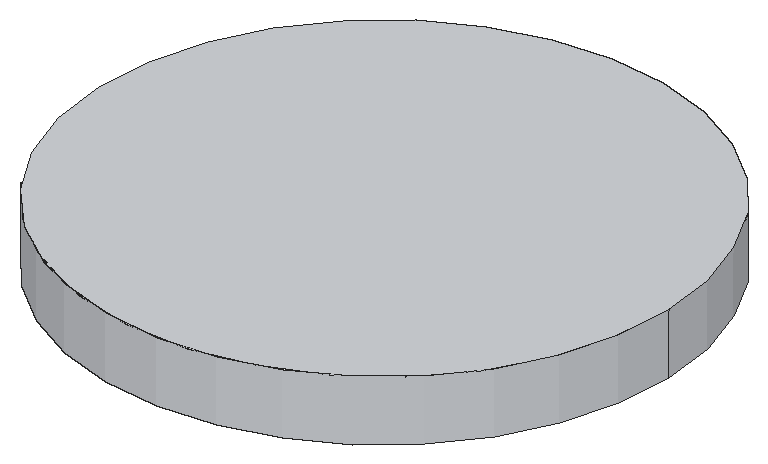
Revit family "DPH2_TABS+EQUALIZER", category Generic Models, host Face, Revit 2015
Parameters (values of type "BUZON_DPH2_TABS+EQ")
  Youtube clip = ""
  Weight Net (Kg) = "0"
  Uniformat II Description = "Floor Construction"
  Uniformat II Code = "B1010"
  Uniclass 2015 Name = "External floor tiling systems"
  Uniclass 2015 Code = "Ss_30_42_32_30"
  Uniclass 2.0 Description = "Flooring And Decking Systems"
  Uniclass 2.0 Code = "SS-20-20"
  Uniclass 1.4 Description = "Floor units"
  Uniclass 1.4 Code = "L83121"
  UNSPSC Code = "301617"
  Technical description = ""
  Region South America = "All"
  Region Oceania = "All"
  Region North America = "All"
  Region Middle East = "All"
  Region Europe = "All"
  Region Asia = "All"
  Region Antarctica = "All"
  Region Africa = "All"
  QR code = "http://bimobject.com/buzon/product/DPH-2"
  Product url = "http://www.buzon-world.com/en_US/products/dph-series.html"
  Product group = "Pedestal"
  Product family = "DPH"
  Product data url = "https://bimobject.com/buzon/product/DPH-2"
  Product certification = ""
  Product SKU = "DPH-2"
  Product Guid = "e41a1562-efc2-49df-961c-98bf074c4cf1"
  Pedestal Material = Default_DPH_Material
  Possible Minimum Height [instance] = 35.00 mm  # constant formula
  Possible Maximum Height [instance] = 53.00 mm  # constant formula
  OmniClass Description = "Flooring Specialties and Accessories"
  OmniClass Code = "23-15 17 11"
  Nominal width = 0.00 mm
  Nominal height = 0.00 mm
  NBS Reference Description = "Flooring And Decking Systems"
  NBS Reference Code = "20-20"
  Material secondary = "Polypropylene"
  Material main = "Polypropylene"
  Masterformat 2014 Description = ""
  Masterformat 2014 Code = ""
  Manufacturer name = "Buzon"
  Manufacturer country = "Belgium"
  Installation instructions = ""
  IFC Classification = "Building Element"
  Height Input [instance] = 53.00 mm
  Height [instance] = if(Height Input < Possible Minimum Height, Possible Minimum Height, if(Possible Maximum Height < Height Input, Possible Maximum Height, Height Input))  # 53.00 mm
  Default Elevation = 1200.00 mm
  Edition number = 1
  EAN code = ""
  Design country = "Belgium"
  Date of publishing = "12/21/2016"
  COBIe Type Category = ""
  Brand url = "http://www.buzon-world.com/en_US/home.html"
  BIMobject category = "Systems"
Reference planes
  plane 1 "Center (Front/Back)": y = 0
  plane 2: z = 0
  plane 3 "Center (Left/Right)": x = 0
  plane 4: x = 1219.2
  plane 5: x = -1219.2
  plane 6: z = 53
  plane 7: z = 50.55
Forms (mm)
  Extrusion 1, solid, not visible
    sketch origin (0, 0, 0) x (1, 0, 0) y (0, 1, 0)
      loop
        circle (0, 0) r 100
    from 338.467 to 360
Dimensions and locks
  "Height": plane 6 to host face
  locked: plane 6 to plane 7 at 2.45
  aligned and locked: plane 2 to host face
  aligned and locked: level to host face
  aligned and locked: plane 7 to nested 3
Automatic sketch dimensions
  host sketch curve to host sketch curve = 2438.40 mm  (x2)
Nested families
  nested 1: "Buzon_TABS" at (0, 0, 48.05), type "Buzon_TABS"
    with TABS yes, Material Default_DPH_Material, EQUALIZER yes
  nested 2: "DPH-2_base_all text" at (0, 0, 0), type "Default"
  nested 3: "DPH-2_tete_all text" at (1.464, 0, 0.496), type "Default"
Definition of nested family "Buzon_TABS"
  Parameters (values of type "Buzon_TABS")
    TABS [instance] = yes
    Material [instance] = none
    EQUALIZER [instance] = yes
    Default Elevation = 1219.20 mm
  Reference planes
    plane 1 "Center (Front/Back)": y = 0
    plane 2: z = 0
    plane 3 "Center (Left/Right)": x = 0
    plane 4: z = 11.83
    plane 5: z = 0.83
  Forms (mm)
    Extrusion 1, solid
      sketch origin (0, 0, 0) x (1, 0, 0) y (0, 1, 0)
        loop
          line (-1219.2, 1219.2) -> (-1219.2, -1219.2) -> (1219.2, -1219.2) -> (1219.2, 1219.2) -> (-1219.2, 1219.2)
      from 0 to -304.8
  Dimensions and locks
    aligned and locked: plane 2 to Extrusion 1
    aligned and locked: level to Extrusion 1
  Nested families
    nested 1: "TABS" at (0, 0, -140.782), visible <- "TABS", Material <- "Material", type "TABS"
      with Material none
    nested 2: "Buzon_TOP_EQUALIZER" at (0, 0, 2.446), EQUALIZER <- "EQUALIZER", type "Buzon_TOP_EQUALIZER"
      with EQUALIZER yes
  Definition of nested family "TABS"
    Parameters (values of type "TABS")
      Material [instance] = none
    Reference planes
      plane 1 "Center (Front/Back)": y = 0
      plane 2: z = 0
      plane 3 "Center (Left/Right)": x = 0
    Dimensions and locks
      aligned and locked: level to plane 2
    Imported bodies without a history: 2
  Definition of nested family "Buzon_TOP_EQUALIZER"
    Parameters (values of type "Buzon_TOP_EQUALIZER")
      Material = none
      EQUALIZER [instance] = yes
      Default Elevation = 1219.20 mm
    Reference planes
      plane 1 "Center (Front/Back)": y = 0
      plane 2: z = 0
      plane 3 "Center (Left/Right)": x = 0
    Forms (mm)
      Extrusion 1, solid
        sketch origin (0, 0, 0) x (1, 0, 0) y (0, 1, 0)
          loop
            line (-1219.2, 1219.2) -> (-1219.2, -1219.2) -> (1219.2, -1219.2) -> (1219.2, 1219.2) -> (-1219.2, 1219.2)
        from 0 to -304.8
    Dimensions and locks
      aligned and locked: plane 2 to Extrusion 1
      aligned and locked: level to Extrusion 1
      aligned and locked: Extrusion 1 to nested 1
    Nested families
      nested 1: "EQULIZER" at (0, 0, -144.195), visible <- "EQUALIZER", Material <- "Material", type "EQULIZER"
        with Material none
    Definition of nested family "EQULIZER"
      Parameters (values of type "EQULIZER")
        Material [instance] = none
      Reference planes
        plane 1 "Center (Front/Back)": y = 0
        plane 2: z = 0
        plane 3 "Center (Left/Right)": x = 0
      Dimensions and locks
        aligned and locked: level to plane 2
      Imported bodies without a history: 2
Definition of nested family "DPH-2_base_all text"
  Parameters (values of type "Default")
    Youtube clip = ""
    Weight Net (Kg) = 0
    Uniformat II Description = ""
    Uniformat II Code = ""
    Uniclass 2015 Name = ""
    Uniclass 2015 Code = ""
    Uniclass 2.0 Description = ""
    Uniclass 2.0 Code = ""
    Uniclass 1.4 Description = ""
    Uniclass 1.4 Code = ""
    UNSPSC Code = ""
    Technical description = ""
    Region South America = "All"
    Region Oceania = "All"
    Region North America = "All"
    Region Middle East = "All"
    Region Europe = "All"
    Region Asia = "All"
    Region Antarctica = "All"
    Region Africa = "All"
    Product group = ""
    Product family = ""
    Product certification = ""
    Product Guid = "284595f7-c2a6-4e11-863f-82e4689220c2"
    OmniClass Description = ""
    OmniClass Code = ""
    Nominal width = 0
    Nominal height = 0
    NBS Reference Description = ""
    NBS Reference Code = ""
    Material secondary = ""
    Material main = ""
    Material = none
    Masterformat 2014 Description = ""
    Masterformat 2014 Code = ""
    Manufacturer country = ""
    Installation instructions = ""
    IFC Classification = ""
    Edition number = 1
    EAN code = ""
    Design country = ""
    Date of publishing = ""
    COBIe Type Category = ""
    BOS_7_Visibility = 1
    BOS_7_Red = 127
    BOS_7_Native_Visibility = and(BOSUseNativeGeometries = 1, BOS_7_Visibility = 1)  # yes
    BOS_7_Material = none
    BOS_7_Green = 127
    BOS_7_Blue = 127
    BOS_7_127_127_127_Visibility = and(BOSUseNativeGeometries = 0, and(BOS_7_Visibility = 1, and(BOS_7_Red = 127, and(BOS_7_Green = 127, BOS_7_Blue = 127))))  # no
    BOS_6_Visibility = 1
    BOS_6_Red = 127
    BOS_6_Native_Visibility = and(BOSUseNativeGeometries = 1, BOS_6_Visibility = 1)  # yes
    BOS_6_Material = none
    BOS_6_Green = 127
    BOS_6_Blue = 127
    BOS_6_127_127_127_Visibility = and(BOSUseNativeGeometries = 0, and(BOS_6_Visibility = 1, and(BOS_6_Red = 127, and(BOS_6_Green = 127, BOS_6_Blue = 127))))  # no
    BOS_5_Visibility = 1
    BOS_5_Red = 127
    BOS_5_Native_Visibility = and(BOSUseNativeGeometries = 1, BOS_5_Visibility = 1)  # yes
    BOS_5_Material = none
    BOS_5_Green = 127
    BOS_5_Blue = 127
    BOS_5_127_127_127_Visibility = and(BOSUseNativeGeometries = 0, and(BOS_5_Visibility = 1, and(BOS_5_Red = 127, and(BOS_5_Green = 127, BOS_5_Blue = 127))))  # no
    BOS_4_Visibility = 1
    BOS_4_Red = 127
    BOS_4_Native_Visibility = and(BOSUseNativeGeometries = 1, BOS_4_Visibility = 1)  # yes
    BOS_4_Material = none
    BOS_4_Green = 127
    BOS_4_Blue = 127
    BOS_4_127_127_127_Visibility = and(BOSUseNativeGeometries = 0, and(BOS_4_Visibility = 1, and(BOS_4_Red = 127, and(BOS_4_Green = 127, BOS_4_Blue = 127))))  # no
    BOS_3_Visibility = 1
    BOS_3_Red = 127
    BOS_3_Native_Visibility = and(BOSUseNativeGeometries = 1, BOS_3_Visibility = 1)  # yes
    BOS_3_Material = none
    BOS_3_Green = 127
    BOS_3_Blue = 127
    BOS_3_127_127_127_Visibility = and(BOSUseNativeGeometries = 0, and(BOS_3_Visibility = 1, and(BOS_3_Red = 127, and(BOS_3_Green = 127, BOS_3_Blue = 127))))  # no
    BOS_2_Visibility = 1
    BOS_2_Red = 127
    BOS_2_Native_Visibility = and(BOSUseNativeGeometries = 1, BOS_2_Visibility = 1)  # yes
    BOS_2_Material = none
    BOS_2_Green = 127
    BOS_2_Blue = 127
    BOS_2_127_127_127_Visibility = and(BOSUseNativeGeometries = 0, and(BOS_2_Visibility = 1, and(BOS_2_Red = 127, and(BOS_2_Green = 127, BOS_2_Blue = 127))))  # no
    BOS_1_Visibility = 1
    BOS_1_Red = 127
    BOS_1_Native_Visibility = and(BOSUseNativeGeometries = 1, BOS_1_Visibility = 1)  # yes
    BOS_1_Material = none
    BOS_1_Green = 127
    BOS_1_Blue = 127
    BOS_1_127_127_127_Visibility = and(BOSUseNativeGeometries = 0, and(BOS_1_Visibility = 1, and(BOS_1_Red = 127, and(BOS_1_Green = 127, BOS_1_Blue = 127))))  # no
    BOS_0_Visibility = 1
    BOS_0_Red = 127
    BOS_0_Native_Visibility = and(BOSUseNativeGeometries = 1, BOS_0_Visibility = 1)  # yes
    BOS_0_Material = none
    BOS_0_Green = 127
    BOS_0_Blue = 127
    BOS_0_127_127_127_Visibility = and(BOSUseNativeGeometries = 0, and(BOS_0_Visibility = 1, and(BOS_0_Red = 127, and(BOS_0_Green = 127, BOS_0_Blue = 127))))  # no
    BOSUseNativeGeometries = 1
    BIMobject category = ""
  Reference planes
    plane 1 "Center (Front/Back)": y = 0
    plane 2: z = 0
    plane 3 "Center (Left/Right)": x = 0
  Dimensions and locks
    aligned and locked: plane 2 to level
  Imported bodies without a history: 1
Definition of nested family "DPH-2_tete_all text"
  Parameters (values of type "Default")
    Youtube clip = ""
    Weight Net (Kg) = 0
    Uniformat II Description = ""
    Uniformat II Code = ""
    Uniclass 2015 Name = ""
    Uniclass 2015 Code = ""
    Uniclass 2.0 Description = ""
    Uniclass 2.0 Code = ""
    Uniclass 1.4 Description = ""
    Uniclass 1.4 Code = ""
    UNSPSC Code = ""
    Technical description = ""
    Region South America = "All"
    Region Oceania = "All"
    Region North America = "All"
    Region Middle East = "All"
    Region Europe = "All"
    Region Asia = "All"
    Region Antarctica = "All"
    Region Africa = "All"
    Product group = ""
    Product family = ""
    Product certification = ""
    Product Guid = "284595f7-c2a6-4e11-863f-82e4689220c2"
    OmniClass Description = ""
    OmniClass Code = ""
    Nominal width = 0
    Nominal height = 0
    NBS Reference Description = ""
    NBS Reference Code = ""
    Material secondary = ""
    Material main = ""
    Material = none
    Masterformat 2014 Description = ""
    Masterformat 2014 Code = ""
    Manufacturer country = ""
    Installation instructions = ""
    IFC Classification = ""
    Edition number = 1
    EAN code = ""
    Design country = ""
    Date of publishing = ""
    COBIe Type Category = ""
    BOS_8_Visibility = 1
    BOS_8_Red = 127
    BOS_8_Native_Visibility = and(BOSUseNativeGeometries = 1, BOS_8_Visibility = 1)  # yes
    BOS_8_Material = none
    BOS_8_Green = 127
    BOS_8_Blue = 127
    BOS_8_127_127_127_Visibility = and(BOSUseNativeGeometries = 0, and(BOS_8_Visibility = 1, and(BOS_8_Red = 127, and(BOS_8_Green = 127, BOS_8_Blue = 127))))  # no
    BOS_7_Visibility = 1
    BOS_7_Red = 127
    BOS_7_Native_Visibility = and(BOSUseNativeGeometries = 1, BOS_7_Visibility = 1)  # yes
    BOS_7_Material = none
    BOS_7_Green = 127
    BOS_7_Blue = 127
    BOS_7_127_127_127_Visibility = and(BOSUseNativeGeometries = 0, and(BOS_7_Visibility = 1, and(BOS_7_Red = 127, and(BOS_7_Green = 127, BOS_7_Blue = 127))))  # no
    BOS_6_Visibility = 1
    BOS_6_Red = 127
    BOS_6_Native_Visibility = and(BOSUseNativeGeometries = 1, BOS_6_Visibility = 1)  # yes
    BOS_6_Material = none
    BOS_6_Green = 127
    BOS_6_Blue = 127
    BOS_6_127_127_127_Visibility = and(BOSUseNativeGeometries = 0, and(BOS_6_Visibility = 1, and(BOS_6_Red = 127, and(BOS_6_Green = 127, BOS_6_Blue = 127))))  # no
    BOS_5_Visibility = 1
    BOS_5_Red = 127
    BOS_5_Native_Visibility = and(BOSUseNativeGeometries = 1, BOS_5_Visibility = 1)  # yes
    BOS_5_Material = none
    BOS_5_Green = 127
    BOS_5_Blue = 127
    BOS_5_127_127_127_Visibility = and(BOSUseNativeGeometries = 0, and(BOS_5_Visibility = 1, and(BOS_5_Red = 127, and(BOS_5_Green = 127, BOS_5_Blue = 127))))  # no
    BOS_4_Visibility = 1
    BOS_4_Red = 127
    BOS_4_Native_Visibility = and(BOSUseNativeGeometries = 1, BOS_4_Visibility = 1)  # yes
    BOS_4_Material = none
    BOS_4_Green = 127
    BOS_4_Blue = 127
    BOS_4_127_127_127_Visibility = and(BOSUseNativeGeometries = 0, and(BOS_4_Visibility = 1, and(BOS_4_Red = 127, and(BOS_4_Green = 127, BOS_4_Blue = 127))))  # no
    BOS_3_Visibility = 1
    BOS_3_Red = 127
    BOS_3_Native_Visibility = and(BOSUseNativeGeometries = 1, BOS_3_Visibility = 1)  # yes
    BOS_3_Material = none
    BOS_3_Green = 127
    BOS_3_Blue = 127
    BOS_3_127_127_127_Visibility = and(BOSUseNativeGeometries = 0, and(BOS_3_Visibility = 1, and(BOS_3_Red = 127, and(BOS_3_Green = 127, BOS_3_Blue = 127))))  # no
    BOS_2_Visibility = 1
    BOS_2_Red = 127
    BOS_2_Native_Visibility = and(BOSUseNativeGeometries = 1, BOS_2_Visibility = 1)  # yes
    BOS_2_Material = none
    BOS_2_Green = 127
    BOS_2_Blue = 127
    BOS_2_127_127_127_Visibility = and(BOSUseNativeGeometries = 0, and(BOS_2_Visibility = 1, and(BOS_2_Red = 127, and(BOS_2_Green = 127, BOS_2_Blue = 127))))  # no
    BOS_1_Visibility = 1
    BOS_1_Red = 127
    BOS_1_Native_Visibility = and(BOSUseNativeGeometries = 1, BOS_1_Visibility = 1)  # yes
    BOS_1_Material = none
    BOS_1_Green = 127
    BOS_1_Blue = 127
    BOS_1_127_127_127_Visibility = and(BOSUseNativeGeometries = 0, and(BOS_1_Visibility = 1, and(BOS_1_Red = 127, and(BOS_1_Green = 127, BOS_1_Blue = 127))))  # no
    BOS_0_Visibility = 1
    BOS_0_Red = 127
    BOS_0_Native_Visibility = and(BOSUseNativeGeometries = 1, BOS_0_Visibility = 1)  # yes
    BOS_0_Material = none
    BOS_0_Green = 127
    BOS_0_Blue = 127
    BOS_0_127_127_127_Visibility = and(BOSUseNativeGeometries = 0, and(BOS_0_Visibility = 1, and(BOS_0_Red = 127, and(BOS_0_Green = 127, BOS_0_Blue = 127))))  # no
    BOSUseNativeGeometries = 1
    BIMobject category = ""
  Reference planes
    plane 1 "Center (Front/Back)": y = 0
    plane 2: z = 0
    plane 3 "Center (Left/Right)": x = 0
  Dimensions and locks
    aligned and locked: plane 2 to level
  Imported bodies without a history: 2
